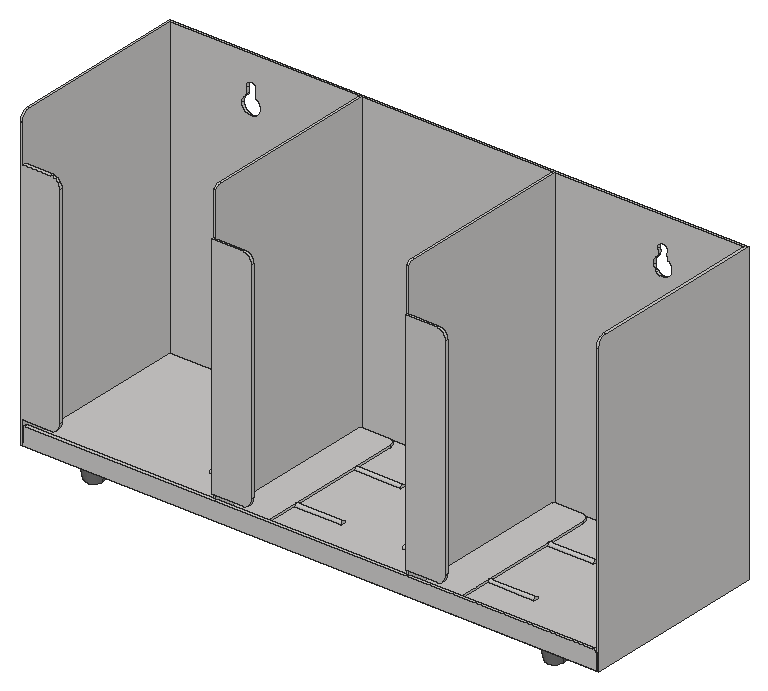
Revit family "QF_Vollrath_CTL3", category Specialty Equipment, Revit 2016
Family settings
  Part Type = Normal
  Round Connector Dimension = Use Diameter
  OmniClass Number = 23.40.40.00
  OmniClass Title = Food Service Equipment and Furnishings
  Work Plane-Based = Yes
  Always vertical = Yes
  Cut with Voids When Loaded = No
  Shared = No
  Room Calculation Point = No
Parameters
  Width = 15.5"
  Weight in Pounds = 0
  Watermarked By = ""
  URL Cutsheet = ""
  Specification by User [instance] = ""
  Specification by Manufacturer [instance] = ""
  Serial Number [instance] = ""
  Revision Code [instance] = ""
  NAFEM Spec ID Number [instance] = ""
  Model = "CTL-3"
  Masterspec [instance] = ""
  Manufacturer = "Vollrath"
  Item Number [instance] = "-"
  Installed By [instance] = ""
  Height = 8"
  Furnished By [instance] = ""
  Foodservice Equipment Identifier = yes
  Description = "3 Section Adjustable Organizer"
  Depth = 5"
  Default Elevation = 48"
  CSI MasterFormat = ""
Reference planes (in)
  plane 1 "BACK": y = 0
  plane 2 "BOTTOM": z = 0
  plane 3 "LEFT": x = -16.56573
  plane 4 "RIGHT": x = -1.06573
  plane 5 "FRONT": y = -5
  plane 6 "TOP": z = 8.4742
  plane 7 "Bottom of Body": z = 0.4742
  plane 8: x = -11.39906
  plane 9: x = -6.23239
  plane 10 "Caster Left": x = -14.98573
  plane 11 "Caster Right": x = -2.64573
  plane 12 "Caster Back": y = -0.5
  plane 13 "Caster Front": y = -4.5
  plane 14 "B1": y = -1.5
  plane 15 "F1": y = -3.5
  plane 16: x = -10.36906
  plane 17: x = -5.20239
  plane 18: x = -9.11906
  plane 19 "Left Low Bumper": x = -12.64906
  plane 20: x = -7.48239
  plane 21: x = -3.95239
Forms (in)
  Blend 1, solid, material "QF_Rubber-Black"
    base sketch origin (0, 0, 0) x (1, 0, 0) y (0, 1, 0)
      loop
        circle (-14.98573, -0.5) r 0.23
    top sketch origin (0, 0, 0) x (1, 0, 0) y (0, 1, 0)
      loop
        circle (-14.98573, -0.5) r 0.33
    from 0 to 0.4742
  Blend 2, solid, material "QF_Rubber-Black"
    base sketch origin (0, 0, 0) x (1, 0, 0) y (0, 1, 0)
      loop
        circle (-14.98573, -4.5) r 0.23
    top sketch origin (0, 0, 0) x (1, 0, 0) y (0, 1, 0)
      loop
        circle (-14.98573, -4.5) r 0.33
    from 0 to 0.4742
  Blend 3, solid, material "QF_Rubber-Black"
    base sketch origin (0, 0, 0) x (1, 0, 0) y (0, 1, 0)
      loop
        circle (-2.64573, -0.5) r 0.23
    top sketch origin (0, 0, 0) x (1, 0, 0) y (0, 1, 0)
      loop
        circle (-2.64573, -0.5) r 0.33
    from 0 to 0.4742
  Blend 4, solid, material "QF_Rubber-Black"
    base sketch origin (0, 0, 0) x (1, 0, 0) y (0, 1, 0)
      loop
        circle (-2.64573, -4.5) r 0.23
    top sketch origin (0, 0, 0) x (1, 0, 0) y (0, 1, 0)
      loop
        circle (-2.64573, -4.5) r 0.33
    from 0 to 0.4742
  Extrusion 5, solid, material "QF_Stainless-Polished"
    sketch origin (0, 0, 0.4742) x (0, 1, 0) y (-1, 0, 0)
      loop
        line (0, 16.56573) -> (-5, 16.56573) -> (-5, 1.06573) -> (0, 1.06573) -> (0, 16.56573)
    from 0 to 0.06
  Extrusion 6, solid, material "QF_Stainless-Polished"
    sketch origin (0, 0, 0) x (1, 0, 0) y (0, 0, 1)
      loop
        line (-1.06573, 8.4742) -> (-16.56573, 8.4742) -> (-16.56573, 0.4742) -> (-1.06573, 0.4742) -> (-1.06573, 8.4742)
    from 0 to 0.06
  Extrusion 7, solid, material "QF_Stainless-Polished"
    sketch origin (-16.56573, 0, 0) x (0, 1, 0) y (0, 0, 1)
      loop
        line (0, 8.4742) -> (-4.75, 8.4742)
        arc (-4.75, 8.4742) -> (-4.92678, 8.40098) -> (-5, 8.2242) r 0.25
        line (-5, 8.2242) -> (-5, 0.4742) -> (0, 0.4742) -> (0, 8.4742)
    from 0 to 0.06
  Extrusion 8, solid, material "QF_Stainless-Polished"
    sketch origin (-1.06573, 0, 0) x (0, 1, 0) y (0, 0, 1)
      loop
        line (0, 8.4742) -> (-4.75, 8.4742)
        arc (-4.75, 8.4742) -> (-4.92678, 8.40098) -> (-5, 8.2242) r 0.25
        line (-5, 8.2242) -> (-5, 0.4742) -> (0, 0.4742) -> (0, 8.4742)
    from 0 to -0.06
  Extrusion 9, solid, material "QF_Stainless-Polished"
    sketch origin (0, -5, 0) x (1, 0, 0) y (0, 0, 1)
      loop
        line (-16.50573, 0.4742) -> (-1.12573, 0.4742) -> (-1.12573, 0.8742)
        arc (-1.12573, 0.8742) -> (-1.15501, 0.94491) -> (-1.22573, 0.9742) r 0.1
        line (-1.22573, 0.9742) -> (-16.40573, 0.9742)
        arc (-16.40573, 0.9742) -> (-16.47644, 0.94491) -> (-16.50573, 0.8742) r 0.1
        line (-16.50573, 0.8742) -> (-16.50573, 0.4742)
    from 0 to -0.06
  Extrusion 10, solid, material "QF_Stainless-Polished"
    sketch origin (0, 0, 0.4742) x (0, 1, 0) y (-1, 0, 0)
      loop
        line (-0.06, 11.42906) -> (-4.94, 11.42906) -> (-4.94, 11.36906) -> (-0.06, 11.36906) -> (-0.06, 11.42906)
    from 0 to 8
  Extrusion 11, solid, material "QF_Stainless-Polished"
    sketch origin (0, 0, 0.4742) x (0, 1, 0) y (-1, 0, 0)
      loop
        line (-0.06, 6.26239) -> (-4.94, 6.26239) -> (-4.94, 6.20239) -> (-0.06, 6.20239) -> (-0.06, 6.26239)
    from 0 to 8
  Extrusion 12, void
    sketch origin (-16.56573, 0, 0) x (0, 1, 0) y (0, 0, 1)
      loop
        line (-4.75, 8.4742) -> (-5, 8.4742) -> (-5, 8.2242)
        arc (-5, 8.2242) -> (-4.92678, 8.40098) -> (-4.75, 8.4742) r 0.25
    from 0 to 15.5
  Extrusion 13, solid, material "QF_Stainless-Polished"
    sketch origin (0, -5, 0) x (1, 0, 0) y (0, 0, 1)
      loop
        line (-11.42906, 7.2242) -> (-11.42906, 1.0942) -> (-10.61906, 1.0942)
        arc (-10.61906, 1.0942) -> (-10.44228, 1.16742) -> (-10.36906, 1.3442) r 0.25
        line (-10.36906, 1.3442) -> (-10.36906, 6.9742)
        arc (-10.36906, 6.9742) -> (-10.44228, 7.15098) -> (-10.61906, 7.2242) r 0.25
        line (-10.61906, 7.2242) -> (-11.42906, 7.2242)
    from 0 to -0.06
  Extrusion 14, solid, material "QF_Stainless-Polished"
    sketch origin (0, -5, 0) x (1, 0, 0) y (0, 0, 1)
      loop
        line (-5.42239, 7.2242) -> (-6.23239, 7.2242) -> (-6.23239, 1.0942) -> (-5.42239, 1.0942)
        arc (-5.42239, 1.0942) -> (-5.24562, 1.16742) -> (-5.17239, 1.3442) r 0.25
        line (-5.17239, 1.3442) -> (-5.17239, 6.9742)
        arc (-5.17239, 6.9742) -> (-5.24562, 7.15098) -> (-5.42239, 7.2242) r 0.25
    from 0 to -0.06
  Extrusion 15, solid, material "QF_Stainless-Polished"
    sketch origin (0, -5, 0) x (1, 0, 0) y (0, 0, 1)
      loop
        line (-15.75573, 7.2242) -> (-16.56573, 7.2242) -> (-16.56573, 1.0942) -> (-15.75573, 1.0942)
        arc (-15.75573, 1.0942) -> (-15.57895, 1.16742) -> (-15.50573, 1.3442) r 0.25
        line (-15.50573, 1.3442) -> (-15.50573, 6.9742)
        arc (-15.50573, 6.9742) -> (-15.57895, 7.15098) -> (-15.75573, 7.2242) r 0.25
    from 0 to -0.06
  Extrusion 16, solid, material "QF_Stainless-Polished"
    sketch origin (0, 0, 0.5342) x (0, 1, 0) y (-1, 0, 0)
      loop
        line (-4.88, 11.36906) -> (-4.88, 10.61906)
        arc (-4.88, 10.61906) -> (-4.80678, 10.44228) -> (-4.63, 10.36906) r 0.25
        line (-4.63, 10.36906) -> (-0.37, 10.36906)
        arc (-0.37, 10.36906) -> (-0.19322, 10.44228) -> (-0.12, 10.61906) r 0.25
        line (-0.12, 10.61906) -> (-0.12, 11.36906) -> (-4.88, 11.36906)
    from 0 to 0.06
  Extrusion 17, solid, material "QF_Stainless-Polished"
    sketch origin (0, 0, 0.5342) x (0, 1, 0) y (-1, 0, 0)
      loop
        line (-0.12, 5.45239) -> (-0.12, 6.20239) -> (-4.88, 6.20239) -> (-4.88, 5.45239)
        arc (-4.88, 5.45239) -> (-4.80678, 5.27562) -> (-4.63, 5.20239) r 0.25
        line (-4.63, 5.20239) -> (-0.37, 5.20239)
        arc (-0.37, 5.20239) -> (-0.19322, 5.27562) -> (-0.12, 5.45239) r 0.25
    from 0 to 0.06
  Sweep 18, solid, material "QF_Stainless-Polished"
    path origin (0, 0, 0.4742) x (0, 1, 0) y (-1, 0, 0)
      loop
        line (-1.5, 12.64906) -> (-1.5, 11.42906)
    profile origin (-12.03906, -1.5, 0.4742) x (0, 1, 0) y (0, 0, 1)
      loop
        arc (0.06, 0.06) -> (0, 0.12) -> (-0.06, 0.06) r 0.06
        line (-0.06, 0.06) -> (0.06, 0.06)
  Sweep 19, solid, material "QF_Stainless-Polished"
    path origin (0, 0, 0.4742) x (0, 1, 0) y (-1, 0, 0)
      loop
        line (-3.5, 12.64906) -> (-3.5, 11.42906)
    profile origin (-12.03906, -3.5, 0.4742) x (0, 1, 0) y (0, 0, 1)
      loop
        line (-0.06, 0.06) -> (0.06, 0.06)
        arc (0.06, 0.06) -> (0, 0.12) -> (-0.06, 0.06) r 0.06
  Sweep 20, solid, material "QF_Stainless-Polished"
    path origin (0, 0, 0.4742) x (0, 1, 0) y (-1, 0, 0)
      loop
        line (-1.5, 10.36906) -> (-1.5, 9.11906)
    profile origin (-9.74406, -1.5, 0.4742) x (0, 1, 0) y (0, 0, 1)
      loop
        line (-0.06, 0.06) -> (0.06, 0.06)
        arc (0.06, 0.06) -> (0, 0.12) -> (-0.06, 0.06) r 0.06
  Sweep 21, solid, material "QF_Stainless-Polished"
    path origin (0, 0, 0.4742) x (0, 1, 0) y (-1, 0, 0)
      loop
        line (-3.5, 10.36906) -> (-3.5, 9.11906)
    profile origin (-9.74406, -3.5, 0.4742) x (0, 1, 0) y (0, 0, 1)
      loop
        line (-0.06, 0.06) -> (0.06, 0.06)
        arc (0.06, 0.06) -> (0, 0.12) -> (-0.06, 0.06) r 0.06
  Sweep 22, solid, material "QF_Stainless-Polished"
    path origin (0, 0, 0.4742) x (0, 1, 0) y (-1, 0, 0)
      loop
        line (-1.5, 6.26239) -> (-1.5, 7.48239)
    profile origin (-6.87239, -1.5, 0.4742) x (0, -1, 0) y (0, 0, 1)
      loop
        arc (0.06, 0.06) -> (0, 0.12) -> (-0.06, 0.06) r 0.06
        line (-0.06, 0.06) -> (0.06, 0.06)
  Sweep 23, solid, material "QF_Stainless-Polished"
    path origin (0, 0, 0.4742) x (0, 1, 0) y (-1, 0, 0)
      loop
        line (-3.5, 7.48239) -> (-3.5, 6.26239)
    profile origin (-6.87239, -3.5, 0.4742) x (0, 1, 0) y (0, 0, 1)
      loop
        line (-0.06, 0.06) -> (0.06, 0.06)
        arc (0.06, 0.06) -> (0, 0.12) -> (-0.06, 0.06) r 0.06
  Sweep 24, solid, material "QF_Stainless-Polished"
    path origin (0, 0, 0.4742) x (0, 1, 0) y (-1, 0, 0)
      loop
        line (-1.5, 5.20239) -> (-1.5, 3.95239)
    profile origin (-4.57739, -1.5, 0.4742) x (0, 1, 0) y (0, 0, 1)
      loop
        line (-0.06, 0.06) -> (0.06, 0.06)
        arc (0.06, 0.06) -> (0, 0.12) -> (-0.06, 0.06) r 0.06
  Sweep 25, solid, material "QF_Stainless-Polished"
    path origin (0, 0, 0.4742) x (0, 1, 0) y (-1, 0, 0)
      loop
        line (-3.5, 5.20239) -> (-3.5, 3.95239)
    profile origin (-4.57739, -3.5, 0.4742) x (0, 1, 0) y (0, 0, 1)
      loop
        line (-0.06, 0.06) -> (0.06, 0.06)
        arc (0.06, 0.06) -> (0, 0.12) -> (-0.06, 0.06) r 0.06
  Extrusion 26, void
    sketch origin (0, 0, 0) x (1, 0, 0) y (0, 0, 1)
      loop
        arc (-14.47336, 7.43044) -> (-14.54964, 7.34157) -> (-14.57707, 7.22771) r 0.25
        arc (-14.57707, 7.22771) -> (-14.32707, 6.97771) -> (-14.07707, 7.22771) r 0.25
        arc (-14.07707, 7.22771) -> (-14.1045, 7.34157) -> (-14.18078, 7.43044) r 0.25
        arc (-14.18078, 7.43044) -> (-14.19653, 7.44727) -> (-14.20478, 7.46879) r 0.06
        arc (-14.20478, 7.46879) -> (-14.21123, 7.55342) -> (-14.20135, 7.63771) r 0.4408
        arc (-14.20135, 7.63771) -> (-14.32707, 7.79356) -> (-14.4528, 7.63771) r 0.12864
        arc (-14.4528, 7.63771) -> (-14.44291, 7.55342) -> (-14.44936, 7.46879) r 0.4408
        arc (-14.44936, 7.46879) -> (-14.45761, 7.44727) -> (-14.47336, 7.43044) r 0.06
      loop
        arc (-3.15809, 7.43044) -> (-3.17384, 7.44727) -> (-3.18209, 7.46879) r 0.06
        arc (-3.18209, 7.46879) -> (-3.18854, 7.55342) -> (-3.17865, 7.63771) r 0.4408
        arc (-3.17865, 7.63771) -> (-3.30438, 7.79356) -> (-3.4301, 7.63771) r 0.12864
        arc (-3.4301, 7.63771) -> (-3.42022, 7.55342) -> (-3.42667, 7.46879) r 0.4408
        arc (-3.42667, 7.46879) -> (-3.43492, 7.44727) -> (-3.45067, 7.43044) r 0.06
        arc (-3.45067, 7.43044) -> (-3.52695, 7.34157) -> (-3.55438, 7.22771) r 0.25
        arc (-3.55438, 7.22771) -> (-3.30438, 6.97771) -> (-3.05438, 7.22771) r 0.25
        arc (-3.05438, 7.22771) -> (-3.08181, 7.34157) -> (-3.15809, 7.43044) r 0.25
    from 0 to 0.06
Cuts and joins
  Extrusion 12, Extrusion 26 cuts Extrusion 5
  Extrusion 12, Extrusion 26 cuts Extrusion 6
  Extrusion 12, Extrusion 26 cuts Extrusion 7
  Extrusion 12, Extrusion 26 cuts Extrusion 8
  Extrusion 12, Extrusion 26 cuts Extrusion 10
  Extrusion 12, Extrusion 26 cuts Extrusion 11
  Extrusion 26 cuts Extrusion 13
  Extrusion 26 cuts Extrusion 14
  Extrusion 26 cuts Extrusion 15
  Extrusion 26 cuts Extrusion 16
  Extrusion 26 cuts Extrusion 17
  joined: Extrusion 5, Extrusion 6, Extrusion 7, Extrusion 8, Extrusion 10, Extrusion 11, Extrusion 13, Extrusion 14, Extrusion 15, Extrusion 16, Extrusion 17
Lines and regions (in)
  symbolic lines
    curve 1: line (-16.56573, 0, 0.4742) -> (-1.06573, 0, 0.4742)
    curve 2: line (-16.56573, -5, 0.4742) -> (-16.56573, 0, 0.4742)
    curve 3: line (-1.06573, -5, 0.4742) -> (-16.56573, -5, 0.4742)
    curve 4: line (-1.06573, 0, 0.4742) -> (-1.06573, -5, 0.4742)
  symbolic lines, style "QF_Details_Surface"
    curve 5: line (-16.50573, -0.06, 0.4742) -> (-1.12573, -0.06, 0.4742)
    curve 6: line (-16.50573, -4.94, 0.4742) -> (-16.50573, -0.06, 0.4742)
    curve 7: line (-1.12573, -4.94, 0.4742) -> (-16.50573, -4.94, 0.4742)
    curve 8: line (-1.12573, -0.06, 0.4742) -> (-1.12573, -4.94, 0.4742)
    curve 9: line (-16.50573, -4.94, 0.4742) -> (-16.50573, -5, 0.4742)
    curve 10: line (-1.12573, -4.94, 0.4742) -> (-1.12573, -5, 0.4742)
    curve 11: line (-11.42906, -0.06, 0.4742) -> (-11.42906, -5, 0.4742)
    curve 12: line (-11.36906, -4.94, 0.4742) -> (-11.36906, -0.06, 0.4742)
    curve 13: line (-6.26239, -0.06, 0.4742) -> (-6.26239, -5, 0.4742)
    curve 14: line (-6.20239, -4.94, 0.4742) -> (-6.20239, -0.06, 0.4742)
    curve 15: line (-10.61906, -0.12, 0.4742) -> (-11.36906, -0.12, 0.4742)
    curve 16: line (-10.36906, -4.63, 0.4742) -> (-10.36906, -0.37, 0.4742)
    curve 17: arc (-10.36906, -0.37, 0.4742) -> (-10.44228, -0.19322, 0.4742) -> (-10.61906, -0.12, 0.4742) r 0.25
    curve 18: line (-11.36906, -4.88, 0.4742) -> (-10.61906, -4.88, 0.4742)
    curve 19: arc (-10.61906, -4.88, 0.4742) -> (-10.44228, -4.80678, 0.4742) -> (-10.36906, -4.63, 0.4742) r 0.25
    curve 20: line (-6.20239, -4.88, 0.4742) -> (-5.45239, -4.88, 0.4742)
    curve 21: arc (-5.45239, -4.88, 0.4742) -> (-5.27562, -4.80678, 0.4742) -> (-5.20239, -4.63, 0.4742) r 0.25
    curve 22: line (-5.20239, -4.63, 0.4742) -> (-5.20239, -0.37, 0.4742)
    curve 23: line (-5.45239, -0.12, 0.4742) -> (-6.20239, -0.12, 0.4742)
    curve 24: arc (-5.20239, -0.37, 0.4742) -> (-5.27562, -0.19322, 0.4742) -> (-5.45239, -0.12, 0.4742) r 0.25
    curve 25: line (-11.42906, -1.44, 0.4742) -> (-12.64906, -1.44, 0.4742)
    curve 26: line (-12.64906, -1.56, 0.4742) -> (-11.42906, -1.56, 0.4742)
    curve 27: line (-12.64906, -1.56, 0.4742) -> (-12.64906, -1.44, 0.4742)
    curve 28: line (-12.64906, -3.44, 0.4742) -> (-11.42906, -3.44, 0.4742)
    curve 29: line (-11.42906, -3.56, 0.4742) -> (-12.64906, -3.56, 0.4742)
    curve 30: line (-12.64906, -3.56, 0.4742) -> (-12.64906, -3.44, 0.4742)
    curve 31: line (-9.11906, -3.56, 0.4742) -> (-10.36906, -3.56, 0.4742)
    curve 32: line (-10.36906, -3.44, 0.4742) -> (-9.11906, -3.44, 0.4742)
    curve 33: line (-9.11906, -3.56, 0.4742) -> (-9.11906, -3.44, 0.4742)
    curve 34: line (-9.11906, -1.56, 0.4742) -> (-10.36906, -1.56, 0.4742)
    curve 35: line (-10.36906, -1.44, 0.4742) -> (-9.11906, -1.44, 0.4742)
    curve 36: line (-9.11906, -1.56, 0.4742) -> (-9.11906, -1.44, 0.4742)
    curve 37: line (-7.48239, -1.56, 0.4742) -> (-6.26239, -1.56, 0.4742)
    curve 38: line (-6.26239, -1.44, 0.4742) -> (-7.48239, -1.44, 0.4742)
    curve 39: line (-7.48239, -1.44, 0.4742) -> (-7.48239, -1.56, 0.4742)
    curve 40: line (-6.26239, -3.56, 0.4742) -> (-7.48239, -3.56, 0.4742)
    curve 41: line (-7.48239, -3.44, 0.4742) -> (-6.26239, -3.44, 0.4742)
    curve 42: line (-7.48239, -3.56, 0.4742) -> (-7.48239, -3.44, 0.4742)
    curve 43: line (-3.95239, -3.56, 0.4742) -> (-5.20239, -3.56, 0.4742)
    curve 44: line (-5.20239, -3.44, 0.4742) -> (-3.95239, -3.44, 0.4742)
    curve 45: line (-3.95239, -3.56, 0.4742) -> (-3.95239, -3.44, 0.4742)
    curve 46: line (-3.95239, -1.56, 0.4742) -> (-5.20239, -1.56, 0.4742)
    curve 47: line (-5.20239, -1.44, 0.4742) -> (-3.95239, -1.44, 0.4742)
    curve 48: line (-3.95239, -1.56, 0.4742) -> (-3.95239, -1.44, 0.4742)
Dimensions and locks (in)
  "Width": plane 3 "LEFT" to plane 4 "RIGHT"
  "Depth": plane 5 "FRONT" to plane 1 "BACK"
  locked: plane 7 "Bottom of Body" to level at 0.4742
  "Height": plane 6 "TOP" to plane 7 "Bottom of Body"
  equal spacing: plane 3 "LEFT", plane 8, plane 9, plane 4 "RIGHT"
  locked: plane 3 "LEFT" to plane 10 "Caster Left" at 1.58
  locked: plane 11 "Caster Right" to plane 4 "RIGHT" at 1.58
  locked: plane 12 "Caster Back" to plane 1 "BACK" at 0.5
  locked: plane 5 "FRONT" to plane 13 "Caster Front" at 0.5
  locked: plane 14 "B1" to plane 1 "BACK" at 1.5
  locked: plane 5 "FRONT" to plane 15 "F1" at 1.5
  locked: plane 9 to plane 17 at 1.03
  locked: plane 8 to plane 16 at 1.03
  locked: plane 16 to plane 18 at 1.25
  locked: plane 19 "Left Low Bumper" to plane 8 at 1.25
  locked: plane 20 to plane 9 at 1.25
  locked: plane 17 to plane 21 at 1.25
  aligned and locked: level to plane 2 "BOTTOM"
  aligned and locked: plane 7 "Bottom of Body" to Blend 1
  aligned and locked: plane 7 "Bottom of Body" to Blend 3
  aligned and locked: plane 7 "Bottom of Body" to Blend 2
  aligned and locked: plane 7 "Bottom of Body" to Blend 4
  aligned and locked: plane 1 "BACK" to Extrusion 5 sketch curve
  aligned and locked: plane 3 "LEFT" to Extrusion 5 sketch curve
  aligned and locked: Extrusion 5 sketch curve to plane 5 "FRONT"
  aligned and locked: Extrusion 5 sketch curve to plane 4 "RIGHT"
  aligned and locked: plane 6 "TOP" to Extrusion 6 sketch curve
  aligned and locked: Extrusion 6 sketch curve to Extrusion 5  (x2)
  aligned and locked: Extrusion 6 sketch curve to plane 4 "RIGHT"
  aligned and locked: Extrusion 10 sketch curve to Extrusion 9
  aligned and locked: plane 6 "TOP" to Extrusion 10
  aligned and locked: Extrusion 11 sketch curve to Extrusion 9
  aligned and locked: plane 6 "TOP" to Extrusion 11
  aligned and locked: plane 4 "RIGHT" to Extrusion 12
  aligned and locked: Extrusion 13 sketch curve to cut or joined group 1 (Extrusion 5, Extrusion 6, Extrusion 7, Extrusion 8, Extrusion 10, Extrusion 11, Extrusion 12, Extrusion 13, Extrusion 14, Extrusion 15, Extrusion 16, Extrusion 17, Extrusion 26)
  aligned and locked: cut or joined group 1 to Sweep 18 sketch curve
  aligned and locked: plane 14 "B1" to Sweep 18 sketch curve
  aligned and locked: plane 15 "F1" to Sweep 19 sketch curve
  aligned and locked: cut or joined group 1 to Sweep 19 sketch curve
  aligned and locked: plane 14 "B1" to Sweep 20 sketch curve
  aligned and locked: Sweep 20 sketch curve to Sweep 18
  aligned and locked: plane 15 "F1" to Sweep 21 sketch curve
  aligned and locked: Sweep 21 sketch curve to Sweep 19
  aligned and locked: Sweep 22 sketch curve to plane 14 "B1"
  aligned and locked: Sweep 22 sketch curve to Sweep 18
  aligned and locked: plane 15 "F1" to Sweep 23 sketch curve
  aligned and locked: Sweep 23 sketch curve to Sweep 19
  aligned and locked: plane 14 "B1" to Sweep 24 sketch curve
  aligned and locked: Sweep 24 sketch curve to Sweep 18
  aligned and locked: plane 15 "F1" to Sweep 25 sketch curve
  aligned and locked: Sweep 25 sketch curve to Sweep 19
  aligned and locked: curve 1 to cut or joined group 1
  aligned and locked: curve 2 to cut or joined group 1
  aligned and locked: curve 3 to cut or joined group 1
  aligned and locked: curve 4 to cut or joined group 1
  aligned and locked: curve 5 to cut or joined group 1
  aligned and locked: cut or joined group 1 to curve 6
  aligned and locked: curve 7 to Extrusion 9
  aligned and locked: curve 8 to Extrusion 9
  aligned and locked: curve 11 to cut or joined group 1
  aligned and locked: curve 12 to cut or joined group 1
  aligned and locked: curve 13 to cut or joined group 1
  aligned and locked: cut or joined group 1 to curve 14
  aligned and locked: curve 15 to cut or joined group 1
  aligned and locked: curve 16 to cut or joined group 1
  aligned and locked: cut or joined group 1 to curve 18
  aligned and locked: curve 20 to cut or joined group 1
  aligned and locked: cut or joined group 1 to curve 22
  aligned and locked: curve 23 to cut or joined group 1
  aligned and locked: curve 25 to Sweep 18
  aligned and locked: curve 26 to Sweep 18
  aligned and locked: curve 27 to Sweep 18
  aligned and locked: curve 28 to Sweep 19
  aligned and locked: curve 29 to Sweep 19
  aligned and locked: curve 30 to Sweep 19
  aligned and locked: curve 31 to Sweep 21
  aligned and locked: curve 32 to Sweep 21
  aligned and locked: curve 33 to Sweep 21
  aligned and locked: curve 34 to Sweep 20
  aligned and locked: curve 35 to Sweep 20
  aligned and locked: curve 36 to Sweep 20
  aligned and locked: curve 37 to Sweep 22
  aligned and locked: curve 38 to Sweep 22
  aligned and locked: curve 39 to Sweep 22
  aligned and locked: curve 40 to Sweep 23
  aligned and locked: curve 41 to Sweep 23
  aligned and locked: curve 42 to Sweep 23
  aligned and locked: curve 43 to Sweep 25
  aligned and locked: Sweep 25 to curve 44
  aligned and locked: curve 45 to Sweep 25
  aligned and locked: curve 46 to Sweep 24
  aligned and locked: Sweep 24 to curve 47
  aligned and locked: curve 48 to Sweep 24
Automatic sketch dimensions
  Blend 1 sketch curve to plane 10 "Caster Left" = 0"  (x2)
  plane 12 "Caster Back" to Blend 1 sketch curve = 0"  (x2)
  Blend 2 sketch curve to plane 10 "Caster Left" = 0"  (x2)
  plane 13 "Caster Front" to Blend 2 sketch curve = 0"  (x2)
  Blend 3 sketch curve to plane 11 "Caster Right" = 0"  (x2)
  plane 12 "Caster Back" to Blend 3 sketch curve = 0"  (x2)
  Blend 4 sketch curve to plane 11 "Caster Right" = 0"  (x2)
  plane 13 "Caster Front" to Blend 4 sketch curve = 0"  (x2)
  Extrusion 7 sketch curve to Extrusion 7 sketch curve = 0.25"
  Extrusion 8 sketch curve to Extrusion 8 sketch curve = 0.25"
  Extrusion 9 sketch curve to plane 7 "Bottom of Body" = 0"
  plane 3 "LEFT" to Extrusion 9 sketch curve = 0.06"
  Extrusion 9 sketch curve to Extrusion 9 sketch curve = 0.1"
  Extrusion 9 sketch curve to plane 4 "RIGHT" = 0.16"
  Extrusion 9 sketch curve to plane 4 "RIGHT" = 0.06"
  Extrusion 9 sketch curve to Extrusion 9 sketch curve = 0.4"
  Extrusion 10 sketch curve to plane 8 = 0.03"
  plane 8 to Extrusion 10 sketch curve = 0.03"
  Extrusion 11 sketch curve to plane 9 = 0.03"
  plane 9 to Extrusion 11 sketch curve = 0.03"
  Extrusion 12 sketch curve to plane 5 "FRONT" = 0"  (x2)
  Extrusion 12 sketch curve to Extrusion 12 sketch curve = 0.25"
  level to Extrusion 12 sketch curve = 8.2242"
  plane 6 "TOP" to Extrusion 12 sketch curve = 0"
  plane 1 "BACK" to Extrusion 12 sketch curve = 4.75"
  Extrusion 12 sketch curve to plane 6 "TOP" = 0"
  Extrusion 13 sketch curve to Extrusion 13 sketch curve = 0.81"
  Extrusion 13 sketch curve to Extrusion 13 sketch curve = 0.25"  (x2)
  plane 7 "Bottom of Body" to Extrusion 13 sketch curve = 0.62"
  Extrusion 13 sketch curve to plane 6 "TOP" = 1.5"
  plane 8 to Extrusion 14 sketch curve = 5.97667"
  Extrusion 14 sketch curve to plane 6 "TOP" = 1.5"
  Extrusion 14 sketch curve to Extrusion 14 sketch curve = 0.25"  (x2)
  plane 7 "Bottom of Body" to Extrusion 14 sketch curve = 0.87"
  plane 8 to Extrusion 14 sketch curve = 5.16667"
  Extrusion 7 sketch curve to plane 5 "FRONT" = 0"
  Extrusion 7 sketch curve to plane 1 "BACK" = 0"
  Extrusion 7 sketch curve to plane 7 "Bottom of Body" = 0"
  Extrusion 7 sketch curve to plane 6 "TOP" = 0"
  Extrusion 8 sketch curve to plane 5 "FRONT" = 0"
  Extrusion 8 sketch curve to plane 1 "BACK" = 0"
  Extrusion 8 sketch curve to plane 7 "Bottom of Body" = 0"
  Extrusion 8 sketch curve to plane 6 "TOP" = 0"
  plane 1 "BACK" to Extrusion 10 sketch curve = 0.06"
  plane 1 "BACK" to Extrusion 11 sketch curve = 0.06"
  Extrusion 15 sketch curve to plane 8 = 4.35667"
  Extrusion 15 sketch curve to Extrusion 15 sketch curve = 0.25"  (x2)
  Extrusion 15 sketch curve to plane 8 = 5.16667"
  Extrusion 15 sketch curve to plane 6 "TOP" = 1.25"
  plane 7 "Bottom of Body" to Extrusion 15 sketch curve = 0.62"
  Extrusion 16 sketch curve to Extrusion 5 = 0.12"  (x2)
  Extrusion 16 sketch curve to Extrusion 16 sketch curve = 0.25"
  Extrusion 16 sketch curve to Extrusion 5 = 0.37"
  Extrusion 16 sketch curve to Extrusion 5 = 6.19667"
  Extrusion 16 sketch curve to Extrusion 16 sketch curve = 0.75"
  Extrusion 17 sketch curve to Extrusion 5 = 0.12"  (x2)
  Extrusion 17 sketch curve to Extrusion 17 sketch curve = 0.25"
  Extrusion 17 sketch curve to Extrusion 5 = 0.37"
  Extrusion 17 sketch curve to Extrusion 5 = 4.13667"
  Extrusion 17 sketch curve to Extrusion 17 sketch curve = 0.75"
  Sweep 18 sketch curve to plane 19 "Left Low Bumper" = 0"
  Sweep 18 sketch curve to plane 8 = 0.03"
  Sweep 18 sketch curve to profile plane = 0"
  Sweep 18 sketch curve to profile plane = 0.06"
  Sweep 19 sketch curve to plane 19 "Left Low Bumper" = 0"
  Sweep 19 sketch curve to plane 8 = 0.03"
  Sweep 19 sketch curve to profile plane = 0"
  profile plane to Sweep 19 sketch curve = 0.06"
  Sweep 20 sketch curve to plane 18 = 0"
  Sweep 20 sketch curve to plane 16 = 0"
  Sweep 20 sketch curve to profile plane = 0"
  profile plane to Sweep 20 sketch curve = 0.06"
  Sweep 21 sketch curve to plane 18 = 0"
  Sweep 21 sketch curve to plane 16 = 0"
  Sweep 21 sketch curve to profile plane = 0"
  profile plane to Sweep 21 sketch curve = 0.06"
  Sweep 22 sketch curve to plane 20 = 0"
  Sweep 22 sketch curve to plane 9 = 0.03"
  Sweep 22 sketch curve to profile plane = 0"
  Sweep 22 sketch curve to Sweep 22 sketch curve = 0.06"
  Sweep 23 sketch curve to plane 20 = 0"
  Sweep 23 sketch curve to plane 9 = 0.03"
  Sweep 23 sketch curve to profile plane = 0"
  profile plane to Sweep 23 sketch curve = 0.06"
  Sweep 24 sketch curve to plane 21 = 0"
  Sweep 24 sketch curve to plane 17 = 0"
  Sweep 24 sketch curve to profile plane = 0"
  profile plane to Sweep 24 sketch curve = 0.06"
  Sweep 25 sketch curve to plane 21 = 0"
  Sweep 25 sketch curve to plane 17 = 0"
  Sweep 25 sketch curve to profile plane = 0"
  profile plane to Sweep 25 sketch curve = 0.06"
  plane 13 "Caster Front" to curve 16 = 0.13"
  curve 16 to plane 12 "Caster Back" = 0.13"
  curve 20 to plane 17 = 0.25"
  curve 22 to plane 12 "Caster Back" = 0.13"
  Extrusion 26 sketch curve to Extrusion 26 sketch curve = 0"  (x18)
  plane 10 "Caster Left" to Extrusion 26 sketch curve = 0.1021"
  Extrusion 26 sketch curve to Extrusion 26 sketch curve = 0.37515"  (x3)
  Extrusion 26 sketch curve to Extrusion 26 sketch curve = 0.1814"  (x6)
  plane 21 to Extrusion 26 sketch curve = 0.09146"
  Extrusion 26 sketch curve to plane 11 "Caster Right" = 0.1021"
  Extrusion 26 sketch curve to plane 6 "TOP" = 1.24649"  (x2)
  Extrusion 26 sketch curve to Extrusion 26 sketch curve = 0.25138"  (x4)
  Extrusion 26 sketch curve to Extrusion 26 sketch curve = 0.06537"  (x4)
  Extrusion 26 sketch curve to Extrusion 26 sketch curve = 0.18583"  (x2)
  Extrusion 26 sketch curve to Extrusion 26 sketch curve = 0.25"  (x2)
  Extrusion 26 sketch curve to Extrusion 26 sketch curve = 0.12572"  (x2)
  Extrusion 26 sketch curve to Extrusion 26 sketch curve = 0.024"  (x2)
  radius of Blend 1 sketch curve = 0.23"
  radius of Blend 1 sketch curve = 0.33"
  radius of Blend 2 sketch curve = 0.23"
  radius of Blend 2 sketch curve = 0.33"
  radius of Blend 3 sketch curve = 0.23"
  radius of Blend 3 sketch curve = 0.33"
  radius of Blend 4 sketch curve = 0.23"
  radius of Blend 4 sketch curve = 0.33"
